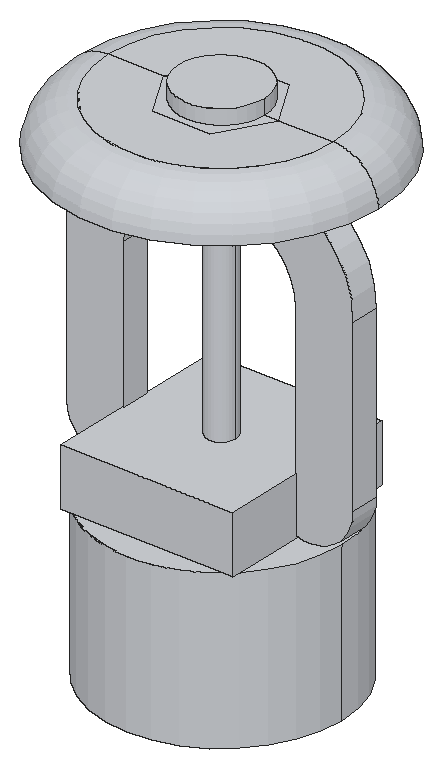
Revit family
Parameters (values of type "RASCO F1-300 UPRIGHT")
  Temperature Rating = 200 °F
  Response = (empty or 0)
  RASCO SIN # = "R5522"
  RASCO Part # = "FU2LB3"
  Pressure Rating = "300 PSI"
  Pressure Class = 1
  Orifice Size = 17/32"
  Orifice = (empty or 0)
  Model = "F1-300"
  Manufacturer = "RASCO"
  K-Factor = 8
  Description = "Brz. Finish"
  Coverage = (empty or 0)
Reference planes (in)
  plane 1 "Center (Front/Back)": y = 0
  plane 2: z = 0
  plane 3 "Center (Left/Right)": x = 0
Dimensions and locks (in)
  aligned and locked: plane 2 to level
Nested families (in)
  nested 1: "FU2LB3" at (0, 0, 0), type "RASCO F1-300 UPRIGHT"
Connectors (in)
  piping at (0, 0, 0)
    settings: on nested 1, index 1, connector radius 1/2", flow factor 0, pipe flow 0 GPM, pressure drop 0.00 psi, fitting loss kfactor 0, connector angle 0.00°, fixture units 0, flow configuration 0, flow direction 0, fitting loss method 0, system type 7, connector reference index -1, connector utility 0, adjustable connector no, is connector primary yes, fitting loss table "", connector description ""
Definition of nested family "FU2LB3"
  Parameters (values of type "RASCO F1-300 UPRIGHT")
    Type Comments = ""
    Temperature Rating = 0 °F
    Response = (empty or 0)
    Pressure Rating = "0"
    Pressure Class = (empty or 0)
    Orifice Size = 0"
    Orifice = (empty or 0)
    Model = ""
    Manufacturer = ""
    K-Factor = 0
    Description = ""
    Coverage = (empty or 0)
    Assembly Code = ""
  Reference planes (in)
    plane 1 "Center (Front/Back)": y = 0
    plane 2: z = 0
    plane 3 "ref.2": z = 0.6875
    plane 4 "ref.3": z = 0.9375
    plane 5: x = -0.38065
    plane 6: x = 0.36935
    plane 7 "ref. side 1": y = 0.06402
    plane 8 "ref. side 2": y = -0.06098
    plane 9 "ref.4": z = 1.875
    plane 10 "ref.5": z = 2.3125
    plane 11 "ref.6": z = 2.4375
  Forms (in)
    Extrusion 1, solid
      sketch origin (0, 0, 0) x (1, 0, 0) y (0, 1, 0)
        loop
          circle (0, 0) r 0.5221
      from 0 to 0.6875
    Extrusion 2, solid
      sketch origin (-0.12185, 0.05177, 0.6875) x (1, 0, 0) y (0, 1, 0)
        loop
          line (-0.2588, 0.356) -> (-0.2588, -0.4565) -> (0.4912, -0.4565) -> (0.4912, 0.356) -> (-0.2588, 0.356)
      from 0 to 0.25
    Extrusion 3, solid
      sketch origin (0, 0, 0) x (1, 0, 0) y (0, 0, 1)
        loop
          line (-0.38065, 0.69674) -> (-0.38065, 1.58397)
          arc (-0.38065, 1.58397) -> (-0.29541, 1.78976) -> (-0.08962, 1.875) r 0.29103
          line (-0.08962, 1.875) -> (0.07524, 1.875)
          arc (0.07524, 1.875) -> (0.28321, 1.78886) -> (0.36935, 1.58089) r 0.29411
          line (0.36935, 1.58089) -> (0.36935, 0.69728)
          arc (0.36935, 0.69728) -> (0.54046, 0.72329) -> (0.61935, 0.87734) r 0.18984
          line (0.61935, 0.87734) -> (0.61935, 1.61676)
          arc (0.61935, 1.61676) -> (0.48879, 1.93194) -> (0.17361, 2.0625) r 0.44574
          line (0.17361, 2.0625) -> (-0.18509, 2.0625)
          arc (-0.18509, 2.0625) -> (-0.50015, 1.932) -> (-0.63065, 1.61694) r 0.44556
          line (-0.63065, 1.61694) -> (-0.63065, 0.87876)
          arc (-0.63065, 0.87876) -> (-0.55196, 0.72414) -> (-0.38065, 0.69674) r 0.19126
      from -0.06402 to 0.06098
    Extrusion 4, solid
      sketch origin (0, 0, 0.9375) x (-1, 0, 0) y (0, -1, 0)
        loop
          circle (0.00574, -0.00152) r 0.0625
      from 0 to 0.9375
    Extrusion 5, solid
      sketch origin (0, 0, 1.875) x (-1, 0, 0) y (0, -1, 0)
        loop
          circle (0.00574, -0.00152) r 0.1875
      from 0 to 0.4375
    Revolve 6, solid
      sketch origin (0, 0, -0.2777) x (1, 0, 0) y (0, 0, 1)
        loop
          line (-0.19324, 2.33367) -> (-0.19324, 2.52696) -> (-0.25733, 2.52696) -> (-0.49638, 2.52696)
          arc (-0.49638, 2.52696) -> (-0.63432, 2.47056) -> (-0.69321, 2.33367) r 0.19686
          line (-0.69321, 2.33367) -> (-0.19324, 2.33367)
        axis (-0.00574, 2.33367) -> (-0.00574, 2.52696)
      angle from 0 to 360
  Cuts and joins
    joined: Extrusion 1, Extrusion 2, Extrusion 4, Revolve 6
  Lines and regions (in)
    model lines
      curve 1: line (-0.00574, 0.06402, 1.875) -> (-0.00574, -0.06098, 1.875)
  Dimensions and locks (in)
    Extrusion 3 to Extrusion 3 = 0' - 1 1/4"
    Extrusion 5 to cut or joined group of Extrusion 1, Extrusion 2, Extrusion 4, Revolve 6 = 0' - 2 5/16"
